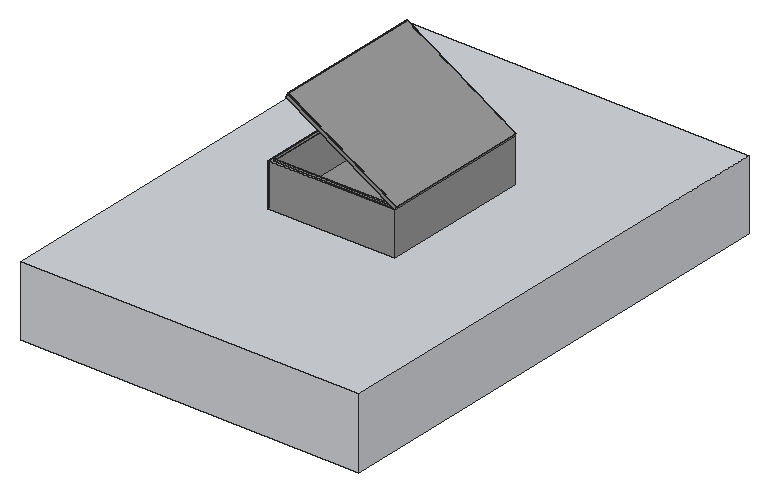
Revit family "Hager-Univers-IP54-D205-H650-Cl.I-Encl-AT-de", category Equipement électrique, Revit 2020
Family settings
  Hôte = Face
  Configuration du panneau = Deux colonnes, circuits au sein
  Cote de connecteur circulaire = Utiliser le diamètre
  Type d'élément = Tableau de raccordement
  Couper avec des vides une fois chargée = Non
  Partagée = Non
  Point de calcul de pièce = Non
Parameters (values of type "Aufputz IP54 B550 H650 T205  - FP42TW2")
  Width Control [instance] = if([EF000008 - Breite] > Min Width, [EF000008 - Breite], Min Width)  # 550 mm
  Commentaires du type = [HG000003 - Bereich]  # "Univers"
  Thickness Door [instance] = if([EF009171 - Materialstärke Tür/Deckel] > 3 mm, 3 mm, [EF009171 - Materialstärke Tür/Deckel])  # 1 mm
  Seal Frame Offset [instance] = 17 mm  # constant formula
  Plinth Visibility [instance] = [HG000027 - Sockelhöhe] > 0 mm  # no
  Model = ""
  Min Width [instance] = 100 mm  # constant formula
  Min Height [instance] = 100 mm  # constant formula
  Min Depth [instance] = (2 * [EF009170 - Materialstärke Gehäuse]) + 1 mm  # 3 mm
  Internal Frame Depth [instance] = (Door System Depth * 0.5)  # 9 mm
  Height Control [instance] = if([EF000040 - Höhe] > Min Height, [EF000040 - Höhe], Min Height)  # 650 mm
  HG000027 - Sockelhöhe = 0 mm
  HG000026 - Stehend auf dem Boden = no
  HG000024 - Höhe des unteren Teils = 800 mm
  HG000023 - Gehäuse mit doppeltem Querschnitt = no
  HG000016 - 3D-Türsichtbarkeit [instance] = yes
  HG000015 - Sichtbarkeit der Türöffnung [instance] = no
  HG000014 - Tür rechts [instance] = yes
  HG000013 - Tür links [instance] = not([HG000014 - Tür rechts])  # no
  HG000012 - Türschwenkwinkel [instance] = 30.00°
  HG000010 - Asymmetrische Türen = no
  HG000009 - Doppelflügeligen Tür = no
  HG000006 - Unterputz = no
  HG000004 - Herstellerreferenz = "FP42TW2"
  HG000003 - Bereich = "Univers"
  HG000002 - Mit tür = yes
  Frame Offset Bottom [instance] = 10 mm  # constant formula
  Frame Offset [instance] = 15 mm  # constant formula
  EF015940 - Deckel mit Überdruckentlastung = no
  EF011959 - Schutzart (NEMA) = ""
  EF009554 - Anzahl der Öffnungen für Flanschplatten = 4
  Fabricant = "Hager"  # constant formula
  EF009212 - Ausführung Deckel = "EV000116 - geschlossen"
  EF009171 - Materialstärke Tür/Deckel = 1 mm
  EF009170 - Materialstärke Gehäuse = 1 mm
  EF008873 - Nennstrom (In) = 250 A
  EF007800 - Geeignet für Blitzschutz = no
  EF006306 - Mit Schloss = no
  EF006244 - Transparenter Deckel/Tür = no
  EF005474 - Schutzart (IP) = "EV006419 - IP54"
  EF004464 - Art der Tür = "EV002646 - Einzel"
  EF004427 - Anzahl der Module = 96
  EF004293 - Schlagfestigkeit = "EV006815 - IK09"
  EF003532 - Geeignet für Außengebrauch = no
  EF002950 - Breite in Teilungseinheiten = 24
  EF001613 - Funktionserhalt = "EV000494 - ohne"
  EF001596 - Werkstoff des Gehäuses = "EV000179 - Stahl"
  EF001131 - Innentiefe = 205 mm
  EF001088 - Anbaumöglichkeit = yes
  EF000437 - Anzahl der Leitungseinführungen = 4
  EF000339 - Art der Abdeckung = "EV001012 - Deckel"
  EF000266 - Anzahl der Reihen = 4
  EF000218 - Einbautiefe = 205 mm
  EF000118 - Mit Montageplatte = no
  EF000116 - RAL-Nummer = "9010"
  EF000049 - Tiefe = 205 mm
  EF000040 - Höhe = 650 mm
  EF000008 - Breite = 550 mm
  EF000007 - Farbe = "EV000202 - weiß"
  EF000003 - Montageart = "EV000384 - Aufputz"
  Door System Leaf Tolerance [instance] = 1.5 mm  # constant formula
  Door System Depth [instance] = 18 mm  # constant formula
  Door Height [instance] = Height Control - [HG000027 - Sockelhöhe]  # 650 mm
  Depth Control [instance] = if([EF000049 - Tiefe] > Min Depth, [EF000049 - Tiefe], Min Depth)  # 205 mm
  Default Elevation = 0 mm
  Connector Offset [instance] = Height Control / 2  # 325 mm
  Bottom Top Plate Trim [instance] = 1.5 mm  # constant formula
  Plinth height Ctrl [instance] = if([HG000027 - Sockelhöhe] > 0 mm, [HG000027 - Sockelhöhe], 12 mm)  # 12 mm
Types (3, lengths in mm): name | Width Control | HG000004 - Herstellerreferenz | EF009554 - Anzahl der Öffnungen für Flanschplatten | EF004464 - Art der Tür | EF004427 - Anzahl der Module | EF002950 - Breite in Teilungseinheiten | EF000437 - Anzahl der Leitungseinführungen | EF000008 - Breite
  Aufputz IP54 B1050 H650 T205  - FP44TW2 | 1050 | "FP44TW2" | 8 | "EV003602 - Doppel" | 192 | 48 | 8 | 1050
  Aufputz IP54 B1300 H650 T205  - FP45TW2 | 1300 | "FP45TW2" | 10 | "EV003602 - Doppel" | 240 | 60 | 10 | 1300
  Aufputz IP54 B550 H650 T205  - FP42TW2 | 550 | "FP42TW2" | 4 | "EV002646 - Einzel" | 96 | 24 | 4 | 550
Reference planes
  plane 1 "Center (Front/Back)": y = 0
  plane 2: z = 0
  plane 3 "Center (Left/Right)": x = 0
  plane 4: z = 205
  plane 5: y = 1
  plane 6: y = 325
  plane 7: y = 0
  plane 8: y = 650
  plane 9: z = 0
  plane 10: x = -260
  plane 11: x = 260
  plane 12: x = 259
  plane 13: x = -259
  plane 14: y = 649
  plane 15: x = -258
  plane 16: x = -275
  plane 17: x = 258
  plane 18: x = 275
  plane 19: x = 274
  plane 20: x = -274
  plane 21: y = 11
  plane 22: y = 650
  plane 23: y = 634
  plane 24: z = 187
  plane 25: z = 1
  plane 26: z = 186
  plane 27: z = 204
Forms (mm)
  Extrusion 1, solid
    sketch origin (0, 0, 0) x (1, 0, 0) y (0, 1, 0)
      loop
        line (-702.964, 1305) -> (-702.964, -811.445) -> (766.763, -811.445) -> (766.763, 1305) -> (-702.964, 1305)
    from 0 to -304.8
  Extrusion 2, solid, material "Hager_Steel_RAL7035_Light_Grey", visible <- "Plinth Visibility", detail levels medium+fine
    sketch origin (0, 0, 0) x (1, 0, 0) y (0, 1, 0)
      loop
        line (-275, 0) -> (275, 0) -> (275, 12) -> (-275, 12) -> (-275, 0)
    from 0 to 187
  Extrusion 3, solid, material "Hager_Steel_RAL7035_Light_Grey", detail levels medium+fine
    sketch origin (0, 0, 0) x (1, 0, 0) y (0, 1, 0)
      loop
        line (-275, 0) -> (275, 0) -> (275, 650) -> (-275, 650) -> (-275, 0)
    from 0 to 187
  Extrusion 4, void
    sketch origin (0, 0, 0) x (1, 0, 0) y (0, 1, 0)
      loop
        line (-274, 1) -> (274, 1) -> (274, 649) -> (-274, 649) -> (-274, 1)
    from 1 to 186
  Extrusion 5, void
    sketch origin (-381.607, -4572, 187) x (0, -1, 0) y (-1, 0, 0)
      loop
        line (-4583, -122.607) -> (-5206, -122.607) -> (-5206, -640.607) -> (-4583, -640.607) -> (-4583, -122.607)
    from 0 to 1 <- "EF009170 - Materialstärke Gehäuse"
  Extrusion 6, solid, material "Hager_Steel_RAL7035_Light_Grey", detail levels fine
    sketch origin (0, 0, 187) x (1, 0, 0) y (0, 1, 0)
      loop
        line (-259, 634) -> (-259, 11) -> (259, 11) -> (259, 634) -> (-259, 634)
      loop
        line (-260, 10) -> (260, 10) -> (260, 635) -> (-260, 635) -> (-260, 10)
    from 0 to 9 <- "Internal Frame Depth"
  Extrusion 7, solid, material "Hager_Steel_RAL7035_Light_Grey", detail levels coarse
    sketch origin (0, 0, 0) x (1, 0, 0) y (0, 1, 0)
      loop
        line (-275, 0) -> (275, 0) -> (275, 650) -> (-275, 650) -> (-275, 0)
    from 0 to 205
  Sweep 8, void
    path in 3D
      loop
        line (-275, 12, 0) -> (275, 12, 0) -> (275, 12, 187) -> (-275, 12, 187) -> (-275, 12, 0)
    profile origin (-275, 12, 93.5) x (-1, 0, 0) y (0, -1, 0)
      loop
        line (0, 0) -> (0, 1.5) -> (-1.5, 1.5)
        arc (-1.5, 1.5) -> (-1.061, 0.439) -> (0, 0) r 1.5
Cuts and joins
  Extrusion 4, Extrusion 5 cuts Extrusion 3
  Sweep 8 cuts Extrusion 2
Lines and regions (mm)
  Masking region 1
    outline origin (0, 0, 0) x (1, 0, 0) y (0, 0, 1)
      loop
        line (-275, 205) -> (-275, 0) -> (275, 0) -> (275, 205) -> (-275, 205)
  Masking region 2, detail levels medium+fine
    outline origin (0, 140, 0) x (0, 1, 0) y (0, 0, 1)
      loop
        line (-140, 0) -> (510, 0) -> (510, 187) -> (-140, 187) -> (-140, 0)
  Masking region 3, not visible, detail levels medium+fine
    outline origin (0, 297.922, 0) x (0, 1, 0) y (0, 0, 1)
      loop
        line (38.578, 0) -> (78.578, 0) -> (78.578, 194)
        arc (78.578, 194) -> (75.649, 201.071) -> (68.578, 204) r 10
        line (68.578, 204) -> (38.578, 204) -> (38.578, 0)
  Masking region 4, detail levels coarse
    outline origin (0, 0, 180) x (0, 1, 0) y (0, 0, 1)
      loop
        line (0, -180) -> (650, -180) -> (650, 25) -> (0, 25) -> (0, -180)
  Masking region 5, visible <- "Plinth Visibility", detail levels medium+fine
    outline origin (0, 52.24, 12.345) x (0, 0, -1) y (0, 1, 0)
      loop
        line (10.845, -40.24) -> (-173.155, -40.24)
        arc (-173.155, -40.24) -> (-173.594, -41.301) -> (-174.655, -41.74) r 1.5
        line (-174.655, -41.74) -> (-174.655, -52.24) -> (12.345, -52.24) -> (12.345, -41.74)
        arc (12.345, -41.74) -> (11.285, -41.301) -> (10.845, -40.24) r 1.5
  Masking region 6, detail levels medium+fine
    outline origin (-381.607, -4572, 187) x (-1, 0, 0) y (0, -1, 0)
      loop
        line (-106.607, -5222) -> (-106.607, -4572) -> (-656.607, -4572) -> (-656.607, -5222) -> (-106.607, -5222)
  Masking region 7, visible <- "Plinth Visibility", detail levels medium+fine
    outline origin (-381.607, -4727, 187) x (-1, 0, 0) y (0, -1, 0)
      loop
        arc (-108.107, -4739) -> (-107.668, -4737.939) -> (-106.607, -4737.5) r 1.5
        line (-106.607, -4737.5) -> (-106.607, -4727) -> (-656.607, -4727) -> (-656.607, -4737.5)
        arc (-656.607, -4737.5) -> (-655.546, -4737.939) -> (-655.107, -4739) r 1.5
        line (-655.107, -4739) -> (-108.107, -4739)
  Masking region 8, detail levels coarse
    outline origin (-442.548, -4669.526, 187) x (-1, 0, 0) y (0, -1, 0)
      loop
        line (-167.548, -5319.526) -> (-167.548, -4669.526) -> (-717.548, -4669.526) -> (-717.548, -5319.526) -> (-167.548, -5319.526)
  sketch lines
    curve 1: line (-275, 12, 187) -> (-275, 12, 0)
    curve 2: line (275, 12, 187) -> (-275, 12, 187)
    curve 3: line (275, 12, 187) -> (275, 12, 0)
    curve 4: line (-275, 12, 0) -> (275, 12, 0)
Dimensions and locks
  "Depth Control": plane 4 to Extrusion 1
  "HG000027 - Sockelhöhe": plane 1 "Center (Front/Back)" to plane 7
  "EF009170 - Materialstärke Gehäuse": plane 5 to plane 7
  locked: connector elem to plane 3 "Center (Left/Right)"
  equal spacing: plane 8, plane 6, plane 7
  locked: connector elem to plane 6
  "EF009170 - Materialstärke Gehäuse": plane 8 to plane 14
  "EF009170 - Materialstärke Gehäuse": plane 10 to plane 13
  "EF009170 - Materialstärke Gehäuse": plane 12 to plane 11
  "Frame Offset": plane 20 to plane 13
  "Frame Offset": plane 12 to plane 19
  "EF009170 - Materialstärke Gehäuse": plane 16 to plane 20
  "EF009170 - Materialstärke Gehäuse": plane 19 to plane 18
  "Seal Frame Offset": plane 16 to plane 15
  "Seal Frame Offset": plane 17 to plane 18
  "Frame Offset Bottom": plane 21 to plane 5
  "Frame Offset": plane 14 to plane 23
  equal spacing: plane 16, plane 3 "Center (Left/Right)", plane 18
  "Width Control": plane 16 to plane 18
  "EF009170 - Materialstärke Gehäuse": plane 4 to plane 27
  "EF009170 - Materialstärke Gehäuse": plane 24 to plane 26
  "EF009170 - Materialstärke Gehäuse": plane 25 to level
  "Door System Depth": plane 4 to plane 24
  "Height Control": plane 1 "Center (Front/Back)" to Extrusion 7 sketch curve
  "Height Control": Masking region 4 sketch curve to plane 1 "Center (Front/Back)"
  "Height Control": plane 1 "Center (Front/Back)" to plane 22
  "Bottom Top Plate Trim": profile plane to Sweep 8 sketch curve
  "Bottom Top Plate Trim": Sweep 8 sketch curve to profile plane
  "Plinth height Ctrl": plane 1 "Center (Front/Back)" to Extrusion 2 sketch curve
  "Plinth height Ctrl": Masking region 5 sketch curve to plane 1 "Center (Front/Back)"
  "Plinth height Ctrl": plane 1 "Center (Front/Back)" to Masking region 7 sketch curve
  "Thickness Door": Extrusion 6 sketch curve to Extrusion 6 sketch curve  (x3)
  "Thickness Door": cut or joined group of Extrusion 3, Extrusion 4, Extrusion 5 to Extrusion 6 sketch curve
  radius of Masking region 3 sketch curve = 10 mm
  "Bottom Top Plate Trim": radius of Masking region 5 sketch curve  (x2)
  "Bottom Top Plate Trim": radius of Sweep 8 sketch curve
  "Bottom Top Plate Trim": radius of Masking region 7 sketch curve  (x2)
  aligned and locked: plane 2 to Extrusion 1
  aligned and locked: level to Extrusion 1
  aligned and locked: level to Masking region 1 sketch curve
  aligned and locked: Masking region 1 sketch curve to plane 18
  aligned and locked: Masking region 1 sketch curve to plane 16
  aligned and locked: plane 7 to Masking region 2 sketch curve
  aligned and locked: level to Masking region 3 sketch curve
  aligned and locked: Masking region 3 sketch curve to plane 27
  aligned and locked: level to Masking region 2 sketch curve
  aligned and locked: plane 1 "Center (Front/Back)" to Extrusion 2 sketch curve
  aligned and locked: Extrusion 3 sketch curve to plane 7
  aligned and locked: plane 16 to Extrusion 3 sketch curve
  aligned and locked: plane 18 to Extrusion 3 sketch curve
  aligned and locked: plane 20 to Extrusion 4 sketch curve
  aligned and locked: plane 19 to Extrusion 4 sketch curve
  aligned and locked: Extrusion 4 sketch curve to plane 5
  aligned and locked: Extrusion 4 to plane 25
  aligned and locked: plane 26 to Extrusion 4
  aligned and locked: plane 24 to Extrusion 3
  aligned and locked: Extrusion 5 sketch curve to plane 21
  aligned and locked: Extrusion 5 sketch curve to plane 13
  aligned and locked: Extrusion 5 sketch curve to plane 12
  aligned and locked: plane 18 to Extrusion 7 sketch curve
  aligned and locked: plane 1 "Center (Front/Back)" to Extrusion 7 sketch curve
  aligned and locked: plane 16 to Extrusion 7 sketch curve
  aligned and locked: plane 4 to Extrusion 7
  aligned and locked: Extrusion 7 to level
  aligned and locked: level to Masking region 4 sketch curve
  aligned and locked: Masking region 4 sketch curve to plane 1 "Center (Front/Back)"
  aligned and locked: Masking region 4 sketch curve to plane 4
  aligned and locked: nested 1 to level
  aligned and locked: nested 1 to plane 16
  aligned and locked: plane 8 to Extrusion 3 sketch curve
  aligned and locked: plane 23 to Extrusion 5 sketch curve
  aligned and locked: plane 14 to Extrusion 4 sketch curve
  aligned and locked: Masking region 2 sketch curve to plane 8
  aligned and locked: level to Masking region 5 sketch curve
  aligned and locked: plane 16 to Extrusion 2 sketch curve
  aligned and locked: plane 18 to Extrusion 2 sketch curve
  aligned and locked: Masking region 5 sketch curve to plane 24
  aligned and locked: Masking region 2 sketch curve to plane 24
  aligned and locked: plane 24 to Extrusion 2
  aligned and locked: profile plane to Sweep 8 sketch curve  (x2)
  aligned and locked: Masking region 6 sketch curve to plane 18
  aligned and locked: Masking region 6 sketch curve to plane 22
  aligned and locked: Masking region 6 sketch curve to plane 16
  aligned and locked: plane 8 to plane 22
  aligned and locked: plane 7 to Masking region 6 sketch curve
  aligned and locked: Masking region 7 sketch curve to plane 16
  aligned and locked: Masking region 7 sketch curve to plane 1 "Center (Front/Back)"
  aligned and locked: Masking region 7 sketch curve to plane 18
  aligned and locked: Masking region 8 sketch curve to plane 1 "Center (Front/Back)"
  aligned and locked: Masking region 8 sketch curve to plane 18
  aligned and locked: Masking region 8 sketch curve to plane 22
  aligned and locked: Masking region 8 sketch curve to plane 16
  aligned and locked: nested 2 to plane 7
  aligned and locked: plane 3 "Center (Left/Right)" to nested 2
  aligned and locked: nested 2 to plane 24
  aligned and locked: Extrusion 6 sketch curve to cut or joined group of Extrusion 3, Extrusion 4, Extrusion 5  (x4)
Automatic sketch dimensions
  Extrusion 1 sketch curve to Extrusion 1 sketch curve = 1469.727 mm
  Extrusion 1 sketch curve to Extrusion 1 sketch curve = 2116.445 mm
  Masking region 1 sketch curve to plane 4 = 0 mm
  plane 6 to Masking region 3 sketch curve = 11.5 mm
  Masking region 3 sketch curve to Masking region 3 sketch curve = 30 mm
  Masking region 5 sketch curve to plane 1 "Center (Front/Back)" = 0 mm
Nested families
  nested 1: "Hager_Enclosure_Symbol" at (-275, 0, 0) x (1, 0, 0) z (0, -1, 0), Height <- "Depth Control", Width <- "Width Control", type "Hager_Enclosure_Symbol"
    with Width_Ctrl 550 mm, Width 550 mm, Height_Ctrl 205 mm, Height 205 mm, A_Width_Int 13.453 mm, A_Width 161.438 mm, A_Height_Ctrl 179.375 mm, A_Height 179.375 mm
  nested 2: "EC000058_Univers_Door" at (0, 0, 187) x (1, 0, 0) z (0, 1, 0), Leaf_Tolerance <- "Door System Leaf Tolerance", Angle <- "HG000012 - Türschwenkwinkel", Door_Depth <- "Door System Depth", Door_Left <- "HG000013 - Tür links", Transparent <- "EF006244 - Transparenter Deckel/Tür", Assymetrical <- "HG000010 - Asymmetrische Türen", Width <- "Width Control", Clearance <- "HG000015 - Sichtbarkeit der Türöffnung", Double <- "HG000009 - Doppelflügeligen Tür", 3d_Door <- "HG000016 - 3D-Türsichtbarkeit", Lock_Visibility <- "EF006306 - Mit Schloss", Width_Ctrl <- "Width Control", Door_Right <- "HG000014 - Tür rechts", Door <- "HG000002 - Mit tür", Height <- "Door Height", Thickness <- "Thickness Door", type "EC000058_Univers_Door", detail levels medium+fine
    with min_wh 3 mm, Width_Ctrl 550 mm, Width 550 mm, Transparent no, Thickness 1 mm, Seal_Material Hager_Rubber, Lock_Visibility no, Lock_Material Hager_Plastic_RAL9005_Jet_Black, Leaf_Width 550 mm, Leaf_Tolerance_External_Sides 0 mm, Leaf_Tolerance 1.5 mm, Leaf_Offset 0 mm, Leaf_Height 647 mm, Leaf_2_Width 550 mm, Leaf_2_Offset 275 mm, Leaf_1_Width 550 mm, Leaf_1_Offset 275 mm, Height_Ctrl 650 mm, Height 650 mm, Glass_Material Hager_Glass, Double_Clearance_Ctrl no, Double no, Door_Right_Ctrl yes, Door_Right yes, Door_Material Hager_Steel_RAL7035_Light_Grey, Door_Left_Ctrl no, Door_Left no, Door_Depth 18 mm, Door yes, Clearance_Material Hager_Clearance, Clearance_Depth 550 mm, Clearance_Ctrl no, Clearance no, Assymetrical no, Angle 30.00°, 3d_Door yes
Connectors
  electrical at (0, 325, 0)
    settings: on plane 9, index 1, voltage 0 V, apparent load 0 VA, apparent load phase1 0 VA, apparent load phase2 0 VA, apparent load phase3 0 VA, power factor 1, load classification "Other", number of poles 1, system type 30, power factor state 1, is connector primary yes, connector utility no, sub classification motor no, connector description ""
Definition of nested family "EC000058_Univers_Door"
  Parameters (values of type "EC000058_Univers_Door")
    min_wh [instance] = (2 * Thickness) + 1 mm  # 11 mm
    Width_Ctrl [instance] = 400 mm
    Width [instance] = 500 mm
    Transparent [instance] = yes
    Thickness [instance] = 5 mm
    Seal_Material [instance] = none
    Lock_Visibility [instance] = yes
    Lock_Material [instance] = none
    Leaf_Width [instance] = if((Width_Ctrl - 2 * Leaf_Tolerance_External_Sides) > 0 mm, (Width_Ctrl - 2 * Leaf_Tolerance_External_Sides), min_wh)  # 400 mm
    Leaf_Tolerance_External_Sides [instance] = 0 mm  # constant formula
    Leaf_Tolerance [instance] = 1.5 mm
    Leaf_Offset [instance] = 0 mm  # constant formula
    Leaf_Height [instance] = if((Height_Ctrl - 2 * Leaf_Tolerance) > 0 mm, (Height_Ctrl - 2 * Leaf_Tolerance), min_wh)  # 497 mm
    Leaf_2_Width [instance] = if(and(and(Double, Assymetrical), Door_Left), (Leaf_Width / 3) - (Leaf_Tolerance / 2), if(and(and(Double, Assymetrical), Door_Right), (Leaf_Width / 3) * 2 - (Leaf_Tolerance / 2), if(and(Double, not(Assymetrical)), (Leaf_Width / 2) - Leaf_Tolerance, Leaf_Width)))  # 400 mm
    Leaf_2_Offset [instance] = if(and(Double, Assymetrical), Leaf_2_Width / 2, if(and(Double, not(Assymetrical)), Leaf_Width / 4, Leaf_Width / 2))  # 200 mm
    Leaf_1_Width [instance] = if(and(and(Double, Assymetrical), Door_Right), (Leaf_Width / 3) - (Leaf_Tolerance / 2), if(and(and(Double, Assymetrical), Door_Left), (Width / 3) * 2 - (Leaf_Tolerance / 2), if(and(Double, not(Assymetrical)), (Leaf_Width / 2) - Leaf_Tolerance, Leaf_Width)))  # 400 mm
    Leaf_1_Offset [instance] = if(and(Double, Assymetrical), Leaf_1_Width / 2, if(and(Double, not(Assymetrical)), Leaf_Width / 4, Leaf_Width / 2))  # 200 mm
    Height_Ctrl [instance] = if(Height > min_wh, Height, min_wh)  # 500 mm
    Height [instance] = 500 mm
    Glass_Material [instance] = none
    Double_Clearance_Ctrl [instance] = and(Double, Clearance)  # no
    Double [instance] = no
    Door_Right_Ctrl [instance] = and(or(Door_Right, Double), Door)  # yes
    Door_Right [instance] = yes
    Door_Material [instance] = none
    Door_Left_Ctrl [instance] = and(or(Door_Left, Double), Door)  # no
    Door_Left [instance] = no
    Door_Depth [instance] = 30 mm
    Door [instance] = yes
    Default Elevation = 1219.2 mm
    Clearance_Material [instance] = none
    Clearance_Depth [instance] = if(Leaf_1_Width > Leaf_2_Width, Leaf_1_Width, Leaf_2_Width)  # 400 mm
    Clearance_Ctrl [instance] = and(not(Double), Clearance)  # yes
    Clearance [instance] = yes
    Assymetrical [instance] = yes
    Angle [instance] = 30.00°
    3d_Door [instance] = yes
  Reference planes
    plane 1 "Center (Front/Back)": y = 0
    plane 2 "Bottom": z = 0
    plane 3 "Center (Left/Right)": x = 0
    plane 4: z = 500
    plane 5: x = -200
    plane 6: x = 200
    plane 7: z = 500
    plane 8: x = -200
    plane 9: z = 0
    plane 10: x = 200
    plane 11: y = 0
    plane 12: z = 1.5
    plane 13: x = -600
    plane 14: y = -400
    plane 15: x = 600
    plane 16: x = 0
    plane 17: x = 0
    plane 18: x = -200
    plane 19: x = 200
    plane 20: z = 498.5
  Forms (mm)
    Extrusion 1, solid, material <- "Clearance_Material", visible <- "Double_Clearance_Ctrl"
      sketch origin (1200, 0, 0) x (1, 0, 0) y (0, 0, -1)
        loop
          line (-1800, -498.5) -> (-600, -498.5) -> (-600, 0) -> (-1800, 0) -> (-1800, -498.5)
      from 0 to -400
  Dimensions and locks
    equal spacing: plane 5, plane 3 "Center (Left/Right)", plane 6
    "Width_Ctrl": plane 5 to plane 6
    "Leaf_Offset": plane 5 to plane 8
    "Leaf_Offset": plane 6 to plane 10
    "Leaf_Offset": plane 9 to level
    "Leaf_Offset": plane 4 to plane 7
    "Height_Ctrl": plane 4 to level
    "Leaf_Tolerance": plane 12 to plane 9
    locked: plane 11 to plane 1 "Center (Front/Back)"
    "Leaf_1_Offset": plane 18 to plane 16
    "Leaf_2_Offset": plane 17 to plane 19
    "Leaf_1_Width": plane 13 to plane 8
    "Leaf_2_Width": plane 10 to plane 15
    "Clearance_Depth": plane 14 to plane 1 "Center (Front/Back)"
    "Leaf_Tolerance_External_Sides": plane 8 to plane 18
    "Leaf_Tolerance_External_Sides": plane 19 to plane 10
    "Leaf_Tolerance": plane 7 to plane 20
    aligned and locked: level to plane 2 "Bottom"
    aligned and locked: nested 1 to plane 16
    aligned and locked: nested 2 to plane 17
    aligned and locked: Extrusion 1 to plane 13
    aligned and locked: plane 15 to Extrusion 1
    aligned and locked: Extrusion 1 to plane 14
    aligned and locked: plane 12 to nested 1
    aligned and locked: nested 2 to plane 12
    aligned and locked: Extrusion 1 to plane 11
    aligned and locked: plane 20 to Extrusion 1
    aligned and locked: nested 2 to plane 11
    aligned and locked: nested 1 to plane 11
  Automatic sketch dimensions
    Extrusion 1 sketch curve to level = 0 mm
    plane 5 to Extrusion 1 sketch curve = 400 mm
    plane 6 to Extrusion 1 sketch curve = 400 mm
    Extrusion 1 sketch curve to plane 4 = 1.5 mm
  Nested families
    nested 1: "EC000058_Univers_Door_Leaf" at (0, 0, 1.5), Width <- "Leaf_1_Width", visible <- "Door_Left_Ctrl", Leaf_Height <- "Leaf_Height", Angle <- "Angle", 3d_Door <- "3d_Door", Transparent <- "Transparent", Clearance Material <- "Clearance_Material", Clearance <- "Clearance_Ctrl", Door_Material <- "Door_Material", Glass_Material <- "Glass_Material", Door_Depth <- "Door_Depth", Lock_Material <- "Lock_Material", Seal_Material <- "Seal_Material", Lock_Visibility <- "Lock_Visibility", Thickness <- "Thickness", type "EC000058_Univers_Door_Leaf"
      with Width 400 mm, Transparent_Glass_Offset 30 mm, Transparent_Ctrl yes, Transparent yes, Thickness 5 mm, Standard no, Seal_Material none, Seal_D2 8 mm, Seal_D1 1 mm, Offset_Internal_Frame 10 mm, Lock_Width 20 mm, Lock_Visibility_3d yes, Lock_Visibility yes, Lock_Thickness_3 3 mm, Lock_Thickness_2 1 mm, Lock_Thickness_1 3 mm, Lock_Radius_Offset_2 16 mm, Lock_Radius_Offset_1 15 mm, Lock_Radius_2 5 mm, Lock_Radius 6 mm, Lock_Offset 5 mm, Lock_Material none, Lock_Height 80 mm, Lock_Cover_Top_Offset_2d 17 mm, Lock_Cover_Height -65 mm, Leaf_Height 497 mm, Internal_Seal_Thickness 8 mm, Internal_Seal_Depth_2 4.5 mm, Internal_Frame_Depth 25 mm, Glass_Thickness -1 mm, Glass_Offset -2 mm, Glass_Material none, Door_Material none, Door_Depth 30 mm, Clearance Material none, Clearance yes, Angle_Ctrl 30.00°, Angle 30.00°, 3d_Door yes
    nested 2: "EC000058_Univers_Door_Leaf" at (0, 0, 1.5) x (-1, 0, 0) z (0, 0, 1), Width <- "Leaf_2_Width", visible <- "Door_Right_Ctrl", Leaf_Height <- "Leaf_Height", Angle <- "Angle", 3d_Door <- "3d_Door", Transparent <- "Transparent", Clearance Material <- "Clearance_Material", Clearance <- "Clearance_Ctrl", Door_Material <- "Door_Material", Glass_Material <- "Glass_Material", Door_Depth <- "Door_Depth", Lock_Material <- "Lock_Material", Seal_Material <- "Seal_Material", Lock_Visibility <- "Lock_Visibility", Thickness <- "Thickness", type "EC000058_Univers_Door_Leaf"
      with Width 400 mm, Transparent_Glass_Offset 30 mm, Transparent_Ctrl yes, Transparent yes, Thickness 5 mm, Standard no, Seal_Material none, Seal_D2 8 mm, Seal_D1 1 mm, Offset_Internal_Frame 10 mm, Lock_Width 20 mm, Lock_Visibility_3d yes, Lock_Visibility yes, Lock_Thickness_3 3 mm, Lock_Thickness_2 1 mm, Lock_Thickness_1 3 mm, Lock_Radius_Offset_2 16 mm, Lock_Radius_Offset_1 15 mm, Lock_Radius_2 5 mm, Lock_Radius 6 mm, Lock_Offset 5 mm, Lock_Material none, Lock_Height 80 mm, Lock_Cover_Top_Offset_2d 17 mm, Lock_Cover_Height -65 mm, Leaf_Height 497 mm, Internal_Seal_Thickness 8 mm, Internal_Seal_Depth_2 4.5 mm, Internal_Frame_Depth 25 mm, Glass_Thickness -1 mm, Glass_Offset -2 mm, Glass_Material none, Door_Material none, Door_Depth 30 mm, Clearance Material none, Clearance yes, Angle_Ctrl 30.00°, Angle 30.00°, 3d_Door yes
  Definition of nested family "EC000058_Univers_Door_Leaf"
    Parameters (values of type "EC000058_Univers_Door_Leaf")
      Width [instance] = 2000 mm
      Transparent_Glass_Offset [instance] = 30 mm
      Transparent_Ctrl [instance] = and(Transparent, [3d_Door])  # yes
      Transparent [instance] = yes
      Thickness [instance] = 5 mm
      Standard [instance] = and(not(Transparent), [3d_Door])  # no
      Seal_Material [instance] = none
      Seal_D2 [instance] = 8 mm  # constant formula
      Seal_D1 [instance] = 1 mm  # constant formula
      Offset_Internal_Frame [instance] = 10 mm  # constant formula
      Lock_Width [instance] = 20 mm  # constant formula
      Lock_Visibility_3d [instance] = and(Lock_Visibility, [3d_Door])  # yes
      Lock_Visibility [instance] = yes
      Lock_Thickness_3 [instance] = 3 mm  # constant formula
      Lock_Thickness_2 [instance] = 1 mm  # constant formula
      Lock_Thickness_1 [instance] = 3 mm  # constant formula
      Lock_Radius_Offset_2 [instance] = Lock_Radius_Offset_1 + 1 mm  # 16 mm
      Lock_Radius_Offset_1 [instance] = 15 mm  # constant formula
      Lock_Radius_2 [instance] = Lock_Radius - 1 mm  # 5 mm
      Lock_Radius [instance] = 6 mm  # constant formula
      Lock_Offset [instance] = 5 mm  # constant formula
      Lock_Material [instance] = none
      Lock_Height [instance] = 80 mm  # constant formula
      Lock_Cover_Top_Offset_2d [instance] = Lock_Radius_Offset_2 + 1 mm  # 17 mm
      Lock_Cover_Height [instance] = -(Lock_Height - Lock_Radius_Offset_1)  # -65 mm
      Leaf_Height [instance] = 2720.336 mm
      Internal_Seal_Thickness [instance] = 8 mm  # constant formula
      Internal_Seal_Depth_2 [instance] = 4.5 mm  # constant formula
      Internal_Frame_Depth [instance] = if(Door_Depth - Thickness > 5 mm, Door_Depth - Thickness, 5 mm)  # 25 mm
      Glass_Thickness [instance] = if(Thickness > 15 mm, Glass_Offset + 10 mm, -1 mm)  # -1 mm
      Glass_Offset [instance] = if(Thickness > 15 mm, -(Thickness + 10 mm) / 2, -2 mm)  # -2 mm
      Glass_Material [instance] = none
      Door_Material [instance] = none
      Door_Depth [instance] = 30 mm
      Default Elevation = 0 mm
      Clearance Material [instance] = none
      Clearance [instance] = yes
      Angle_Ctrl [instance] = if(Angle > 180.00°, 180.00°, Angle)  # 90.00°
      Angle [instance] = 90.00°
      3d_Door [instance] = yes
    Reference planes
      plane 1 "Center (Front/Back)": y = 0
      plane 2: z = 0
      plane 3 "Center (Left/Right)": x = 0
      plane 4: y = 2000
      plane 5: x = -1000
      plane 6: x = 1000
      plane 7: x = -3000
      plane 8: z = 2720.336
      plane 9: z = 30
      plane 10: z = 2690.336
      plane 11: x = 970
      plane 12: x = -970
      plane 13: y = -3
      plane 14: z = 107.833
      plane 15: y = -5
      plane 16: y = -223.314
      plane 17: x = -1000
      plane 18: z = 1360.168
      plane 19: y = 30
    Forms (mm)
      Extrusion 1, solid, material <- "Clearance Material", visible <- "Clearance"
        sketch origin (0, 0, 0) x (1, 0, 0) y (0, 0, 1)
          loop
            line (-3000, 2720.336) -> (-3000, 0) -> (1000, 0) -> (1000, 2720.336) -> (-3000, 2720.336)
        from 0 to -2000
      Extrusion 2, solid, material <- "Door_Material", visible <- "Standard", detail levels medium+fine
        sketch origin (-1000, 0, 0) x (0, 1, 0) y (-1, 0, 0)
          loop
            line (0, 30) -> (0, 25) -> (2000, 25) -> (2000, 30) -> (0, 30)
        from 0 to 2720.336 <- "Leaf_Height"
      Extrusion 3, solid, material <- "Door_Material", visible <- "Transparent_Ctrl", detail levels medium+fine
        sketch origin (-1000, 0, 0) x (0, 1, 0) y (-1, 0, 0)
          loop
            line (0, 25) -> (2000, 25) -> (2000, 30) -> (0, 30) -> (0, 25)
        from 0 to 2720.336 <- "Leaf_Height"
      Extrusion 4, void
        sketch origin (-1025, 2000, 0) x (0, 1, 0) y (0, 0, -1)
          loop
            line (-30, -2690.336) -> (-30, -30) -> (-1970, -30) -> (-1970, -2690.336) -> (-30, -2690.336)
        from 0 to 5 <- "Thickness"
      Sweep 5, solid, material <- "Seal_Material", visible <- "Transparent_Ctrl", detail levels fine
        path in 3D
          loop
            line (-1025, 30, 30) -> (-1025, 30, 2690.336) -> (-1025, 1970, 2690.336) -> (-1025, 1970, 30) -> (-1025, 30, 30)
        profile origin (-1025, 1000, 30) x (1, 0, 0) y (0, 0, 1)
          loop
            line (0, 0) -> (0, -8) -> (1, -8) -> (1, 0) -> (0, 0)
      Extrusion 6, solid, material <- "Glass_Material", visible <- "Transparent_Ctrl", detail levels medium+fine
        sketch origin (-1030, 0, 0) x (0, 1, 0) y (0, 0, -1)
          loop
            line (1970, -2690.336) -> (1970, -30) -> (30, -30) -> (30, -2690.336) -> (1970, -2690.336)
        from -2 <- "Glass_Offset" to -1 <- "Glass_Thickness"
      Extrusion 7, solid, material <- "Door_Material", visible <- "3d_Door", detail levels medium+fine
        sketch origin (-1025, 2000, 0) x (0, -1, 0) y (0, 0, -1)
          loop
            line (0, -2720.336) -> (2000, -2720.336) -> (2000, 0) -> (0, 0) -> (0, -2720.336)
          loop
            line (1995, -5) -> (5, -5) -> (5, -2715.336) -> (1995, -2715.336) -> (1995, -5)
        from 0 to 25 <- "Internal_Frame_Depth"
      Sweep 8, solid, material <- "Seal_Material", visible <- "Transparent_Ctrl", detail levels fine
        path in 3D
          loop
            line (-1025, 0, 0) -> (-1025, 2000, 0) -> (-1025, 2000, 2720.336) -> (-1025, 0, 2720.336) -> (-1025, 0, 0)
        profile origin (-1025, 0, 1360.168) x (1, 0, 0) y (0, 1, 0)
          loop
            line (0, 10) -> (2.975, 10)
            arc (2.975, 10) -> (4.053, 10.447) -> (4.5, 11.525) r 1.525
            line (4.5, 11.525) -> (4.5, 16.527)
            arc (4.5, 16.527) -> (4.069, 17.569) -> (3.027, 18) r 1.473
            line (3.027, 18) -> (0, 18) -> (0, 10)
      Extrusion 9, solid, material <- "Lock_Material", visible <- "Lock_Visibility_3d", detail levels fine
        sketch origin (-1030, 0, 0) x (0, 1, 0) y (0, 0, -1)
          loop
            arc (1993.5, -1400.168) -> (1994.561, -1399.729) -> (1995, -1398.668) r 1.5
            line (1995, -1398.668) -> (1995, -1320.168) -> (1975, -1320.168) -> (1975, -1398.668)
            arc (1975, -1398.668) -> (1975.439, -1399.729) -> (1976.5, -1400.168) r 1.5
            line (1976.5, -1400.168) -> (1993.5, -1400.168)
        from 3 <- "Lock_Thickness_1" to 0
      Blend 10, solid, material <- "Lock_Material", visible <- "Lock_Visibility_3d", detail levels fine
        base sketch origin (-1033, 0, 0) x (0, 1, 0) y (0, 0, -1)
          loop
            line (1975, -1320.168) -> (1975, -1398.668)
            arc (1975, -1398.668) -> (1975.439, -1399.729) -> (1976.5, -1400.168) r 1.5
            line (1976.5, -1400.168) -> (1993.5, -1400.168)
            arc (1993.5, -1400.168) -> (1994.561, -1399.729) -> (1995, -1398.668) r 1.5
            line (1995, -1398.668) -> (1995, -1320.168) -> (1975, -1320.168)
        top sketch origin (-1033, 0, 0) x (0, 1, 0) y (0, 0, -1)
          loop
            line (1976, -1320.168) -> (1976, -1398.668)
            arc (1976, -1398.668) -> (1976.146, -1399.022) -> (1976.5, -1399.168) r 0.5
            line (1976.5, -1399.168) -> (1993.5, -1399.168)
            arc (1993.5, -1399.168) -> (1993.854, -1399.022) -> (1994, -1398.668) r 0.5
            line (1994, -1398.668) -> (1994, -1320.168) -> (1976, -1320.168)
        from 0 to 1 <- "Lock_Thickness_2"
      Blend 11, solid, material <- "Lock_Material", visible <- "Lock_Visibility_3d", detail levels fine
        base sketch origin (-1034, 0, 0) x (0, 1, 0) y (0, 0, -1)
          loop
            line (1978, -1320.168) -> (1978, -1384.168)
            arc (1978, -1384.168) -> (1985, -1391.168) -> (1992, -1384.168) r 7
            line (1992, -1384.168) -> (1992, -1320.168) -> (1978, -1320.168)
        top sketch origin (-1034, 0, 0) x (0, 1, 0) y (0, 0, -1)
          loop
            line (1991, -1320.168) -> (1979, -1320.168) -> (1979, -1383.168)
            arc (1979, -1383.168) -> (1985, -1389.168) -> (1991, -1383.168) r 6
            line (1991, -1383.168) -> (1991, -1320.168)
        from 0 to 3 <- "Lock_Thickness_3"
      Extrusion 12, solid, material <- "Lock_Material", visible <- "Lock_Visibility_3d", detail levels fine
        sketch origin (-1030, 1975, 1320.168) x (1, 0, 0) y (0, -1, 0)
          loop
            line (-7, -19) -> (-7, -1) -> (0, -1) -> (0, 0) -> (-8, 0) -> (-8, -20) -> (0, -20) -> (0, -19) -> (-7, -19)
        from 0 to -65 <- "Lock_Cover_Height"
      Extrusion 13, void
        sketch origin (-1038, 1995, 1320.168) x (-1, 0, 0) y (0, 0, -1)
          loop
            line (-5, -65) -> (0, -65) -> (-5, -60) -> (-5, -65)
        from 0 to 20 <- "Lock_Width"
      Extrusion 14, void
        sketch origin (-1038, 1975, 1320.168) x (0, -1, 0) y (0, 0, -1)
          loop
            circle (-10, -15.995) r 6
          loop
            circle (-10, -15.995) r 5
        from 0 to 2
      Extrusion 15, solid, material <- "Lock_Material", visible <- "Lock_Visibility_3d", detail levels medium
        sketch origin (-1030, 0, 0) x (0, 1, 0) y (0, 0, -1)
          loop
            arc (1993.5, -1400.168) -> (1994.561, -1399.729) -> (1995, -1398.668) r 1.5
            line (1995, -1398.668) -> (1995, -1320.168) -> (1975, -1320.168) -> (1975, -1398.668)
            arc (1975, -1398.668) -> (1975.439, -1399.729) -> (1976.5, -1400.168) r 1.5
            line (1976.5, -1400.168) -> (1993.5, -1400.168)
        from 8 to 0
    Cuts and joins
      Extrusion 4 cuts Extrusion 3
      Extrusion 13, Extrusion 14 cuts Extrusion 9
      Extrusion 14 cuts Blend 11
      Extrusion 13, Extrusion 14 cuts Extrusion 12
      joined: Extrusion 9, Blend 10, Blend 11, Extrusion 12
      Extrusion 14 cuts Extrusion 15
    Lines and regions (mm)
      Masking region 1, visible <- "Lock_Visibility", detail levels fine
        outline origin (0, 0, 0) x (0, 1, 0) y (0, 0, 1)
          loop
            line (30, 1320.168) -> (33, 1320.168) -> (33, 1400.168) -> (30, 1400.168) -> (30, 1320.168)
      Masking region 2, visible <- "Lock_Visibility", detail levels fine
        outline origin (0, 3.143, 0) x (0, 1, 0) y (0, 0, 1)
          loop
            line (29.857, 1354.168) -> (30.857, 1354.168) -> (30.857, 1366.168) -> (29.857, 1366.168) -> (29.857, 1354.168)
      Masking region 3, detail levels medium+fine
        outline origin (0, 0, 0) x (0, 1, 0) y (0, 0, 1)
          loop
            line (0, 0) -> (30, 0) -> (30, 2720.336) -> (0, 2720.336) -> (0, 0)
      Masking region 4, detail levels medium+fine
        outline origin (0, 0, 0) x (1, 0, 0) y (0, 0, 1)
          loop
            line (-1000, 2720.336) -> (-1000, 0) -> (1000, 0) -> (1000, 2720.336) -> (-1000, 2720.336)
      Masking region 5, visible <- "Lock_Visibility", detail levels fine
        outline origin (-47.116, 0, 0) x (1, 0, 0) y (0, 0, 1)
          loop
            arc (1024.616, 1399.168) -> (1023.556, 1398.729) -> (1023.116, 1397.668) r 1.5
            line (1023.116, 1397.668) -> (1023.116, 1320.168) -> (1041.116, 1320.168) -> (1041.116, 1397.668)
            arc (1041.116, 1397.668) -> (1040.677, 1398.729) -> (1039.616, 1399.168) r 1.5
            line (1039.616, 1399.168) -> (1024.616, 1399.168)
      Masking region 6, visible <- "Lock_Visibility", detail levels medium+fine
        outline origin (-25, 0, 0) x (1, 0, 0) y (0, 0, 1)
          loop
            arc (1001.5, 1400.168) -> (1000.439, 1399.729) -> (1000, 1398.668) r 1.5
            line (1000, 1398.668) -> (1000, 1320.168) -> (1020, 1320.168) -> (1020, 1398.668)
            arc (1020, 1398.668) -> (1019.561, 1399.729) -> (1018.5, 1400.168) r 1.5
            line (1018.5, 1400.168) -> (1001.5, 1400.168)
      Masking region 7, visible <- "Lock_Visibility", detail levels fine
        outline origin (-73.735, 0, 0) x (1, 0, 0) y (0, 0, 1)
          loop
            line (1051.735, 1382.168) -> (1065.735, 1382.168) -> (1065.735, 1384.168)
            arc (1065.735, 1384.168) -> (1058.735, 1391.168) -> (1051.735, 1384.168) r 7
            line (1051.735, 1384.168) -> (1051.735, 1382.168)
      Masking region 8, visible <- "Lock_Visibility", detail levels fine
        outline origin (-73.735, 0, 0) x (1, 0, 0) y (0, 0, 1)
          loop
            line (1052.735, 1382.168) -> (1064.735, 1382.168) -> (1064.735, 1383.168)
            arc (1064.735, 1383.168) -> (1058.735, 1389.168) -> (1052.735, 1383.168) r 6
            line (1052.735, 1383.168) -> (1052.735, 1382.168)
      Masking region 9, visible <- "Lock_Visibility", detail levels fine
        outline origin (-25, 0, 0) x (1, 0, 0) y (0, 0, 1)
          loop
            line (1020, 1320.168) -> (1020, 1382.168) -> (1000, 1382.168) -> (1000, 1320.168) -> (1020, 1320.168)
      Masking region 10, detail levels medium+fine
        outline origin (0, 0, 0) x (1, 0, 0) y (0, 0, 1)
          loop
            circle (985, 1335.144) r 6
      Masking region 11, detail levels fine
        outline origin (0, 0, 0) x (1, 0, 0) y (0, 0, 1)
          loop
            circle (985, 1335.144) r 5
      Masking region 12, visible <- "Lock_Visibility", detail levels fine
        outline origin (0, 12.767, 0) x (0, 1, 0) y (0, 0, 1)
          loop
            line (20.233, 1320.168) -> (21.233, 1320.168) -> (21.233, 1399.168) -> (20.233, 1400.168) -> (20.233, 1320.168)
      Masking region 13, visible <- "Lock_Visibility", detail levels fine
        outline origin (0, 13.767, -10) x (0, 1, 0) y (0, 0, 1)
          loop
            line (20.233, 1330.168) -> (23.233, 1330.168) -> (23.233, 1399.168) -> (20.233, 1402.168) -> (20.233, 1330.168)
      Masking region 14, visible <- "Lock_Visibility", detail levels fine
        outline origin (0, 12.767, -10) x (0, 1, 0) y (0, 0, 1)
          loop
            line (20.233, 1330.168) -> (25.233, 1330.168) -> (25.233, 1399.305) -> (20.233, 1394.305) -> (20.233, 1330.168)
      Masking region 15, visible <- "Lock_Visibility", detail levels medium
        outline origin (0, 0, 0) x (0, 1, 0) y (0, 0, 1)
          loop
            line (30, 1320.168) -> (38, 1320.168) -> (38, 1400.168) -> (30, 1400.168) -> (30, 1320.168)
      Masking region 16, visible <- "Lock_Visibility", detail levels fine
        outline origin (-1000, 0, 0) x (0, 1, 0) y (-1, 0, 0)
          loop
            line (1975, 30) -> (1995, 30) -> (1995, 38) -> (1975, 38) -> (1975, 30)
          loop
            line (1979, 37) -> (1976, 37) -> (1976, 34) -> (1978, 34) -> (1979, 37)
          loop
            line (1994, 37) -> (1991, 37) -> (1992, 34) -> (1994, 34) -> (1994, 37)
      Masking region 17, visible <- "Lock_Visibility", detail levels medium
        outline origin (-1000, 0, 0) x (0, 1, 0) y (-1, 0, 0)
          loop
            line (1975, 30) -> (1995, 30) -> (1995, 38) -> (1975, 38) -> (1975, 30)
      symbolic lines
        curve 1: line (1000, 0, 0) -> (-3000, 0, 0)
        curve 2: arc (1000, 0, 0) -> (-1000, 2000, 0) -> (-3000, 0, 0) r 2000
        curve 4: line (-1030, 0, 0) -> (-1030, 2000, 0)
      reference lines
        curve 3: line (-1000, 0, 0) -> (-1000, 2000, 0)
      symbolic lines, detail levels medium+fine
        curve 5: line (-1030, 2000, 0) -> (-1025, 2000, 0)
        curve 7: line (-1025, 0, 0) -> (-1030, 0, 0)
        curve 8: line (-1025, 0, 0) -> (-1000, 0, 0)
        curve 9: line (-1000, 0, 0) -> (-1000, 2000, 0)
        curve 10: line (-1000, 2000, 0) -> (-1025, 2000, 0)
      symbolic lines, detail levels fine
        curve 6: line (-1025, 2000, 0) -> (-1025, 0, 0)
      sketch lines
        curve 11: line (-1025, 0, 2720.336) -> (-1025, 0, 0)
        curve 12: line (-1025, 2000, 0) -> (-1025, 0, 0)
        curve 13: line (-1025, 2000, 2720.336) -> (-1025, 2000, 0)
        curve 14: line (-1025, 0, 2720.336) -> (-1025, 2000, 2720.336)
        curve 15: line (-1025, 1970, 30) -> (-1025, 30, 30)
        curve 16: line (-1025, 30, 30) -> (-1025, 30, 2690.336)
        curve 17: line (-1025, 1970, 2690.336) -> (-1025, 1970, 30)
        curve 18: line (-1025, 30, 2690.336) -> (-1025, 1970, 2690.336)
      symbolic lines, visible <- "Transparent", detail levels medium+fine
        curve 19: line (-970, 0, 2690.336) -> (970, 0, 2690.336)
        curve 20: line (-970, 0, 30) -> (-970, 0, 2690.336)
        curve 21: line (970, 0, 30) -> (-970, 0, 30)
        curve 22: line (970, 0, 2690.336) -> (970, 0, 30)
    Dimensions and locks
      "Width": plane 1 "Center (Front/Back)" to plane 4
      equal spacing: plane 5, plane 3 "Center (Left/Right)", plane 6
      "Width": plane 5 to plane 6
      "Width": plane 7 to plane 5
      "Leaf_Height": plane 8 to level
      "Width": curve 5 to curve 3
      "Width": curve 3 to curve 3
      plane 8 to plane 10 = 30 mm
      plane 9 to level = 30 mm
      plane 12 to plane 5 = 30 mm
      plane 6 to plane 11 = 30 mm
      Extrusion 1 to Extrusion 4 sketch curve = 30 mm
      "Transparent_Glass_Offset": curve 3 to Extrusion 4 sketch curve
      "Transparent_Glass_Offset": Extrusion 4 sketch curve to cut or joined group of Extrusion 3, Extrusion 4  (x2)
      cut or joined group of Extrusion 3, Extrusion 4 to Extrusion 6 sketch curve = 30 mm
      "Transparent_Glass_Offset": cut or joined group of Extrusion 3, Extrusion 4 to Extrusion 4 sketch curve
      "Thickness": curve 6 to curve 4
      "Thickness": Extrusion 7 sketch curve to Extrusion 7 sketch curve  (x4)
      "Door_Depth": curve 4 to curve 3
      "Offset_Internal_Frame": profile plane to Sweep 8 sketch curve
      "Internal_Seal_Thickness": Sweep 8 sketch curve to Sweep 8 sketch curve
      "Internal_Seal_Depth_2": profile plane to Sweep 8 sketch curve
      "Seal_D1": profile plane to Sweep 5 sketch curve
      "Seal_D2": profile plane to Sweep 5 sketch curve
      "Thickness": Extrusion 2 sketch curve to Extrusion 2 sketch curve
      equal spacing: Extrusion 9 sketch curve, plane 18, Extrusion 9 sketch curve  (x2)
      equal spacing: Masking region 1 sketch curve, plane 18, Masking region 1 sketch curve
      "Lock_Height": Masking region 1 sketch curve to Masking region 1 sketch curve
      "Lock_Radius": Masking region 2 sketch curve to plane 18 to Masking region 2 sketch curve
      Masking region 2 sketch curve to Masking region 1 = 1 mm
      "Door_Depth": plane 19 to plane 1 "Center (Front/Back)"
      "Lock_Thickness_1": Masking region 1 sketch curve to plane 19
      "Lock_Width": Extrusion 9 sketch curve to Extrusion 9 sketch curve
      "Lock_Height": Extrusion 9 sketch curve to Extrusion 9 sketch curve
      "Lock_Offset": cut or joined group of Extrusion 3, Extrusion 4 to Extrusion 9 sketch curve
      equal spacing: plane 8, plane 18, level
      "Lock_Radius_Offset_1": Blend 11 sketch curve to Blend 10
      locked: Blend 10 to Blend 11 sketch curve at 2  (x2)
      locked: var sketch to Blend 11 sketch curve at 1  (x2)
      "Lock_Radius_Offset_2": Blend 11 sketch curve to Blend 10
      locked: Extrusion 12 sketch curve to Extrusion 12 sketch curve at 1  (x3)
      Masking region 6 sketch curve to Masking region 6 sketch curve = 80 mm
      "Lock_Height": Masking region 6 sketch curve to Masking region 6 sketch curve
      "Lock_Width": Masking region 6 sketch curve to Masking region 6 sketch curve
      locked: Masking region 6 to Masking region 5 sketch curve at 1  (x3)
      locked: Masking region 5 to Masking region 7 sketch curve at 2  (x2)
      "Lock_Radius_Offset_1": Masking region 5 to Masking region 7 sketch curve
      "Lock_Radius_Offset_2": Masking region 5 to Masking region 8 sketch curve
      locked: Masking region 7 to Masking region 8 sketch curve at 1  (x2)
      "Lock_Cover_Top_Offset_2d": Masking region 5 to Masking region 9 sketch curve
      equal spacing: Masking region 9, Masking region 10 sketch curve, Masking region 9
      equal spacing: Masking region 9, Masking region 11 sketch curve, Masking region 9
      Extrusion 15 sketch curve to Extrusion 15 sketch curve = 80 mm
      "Lock_Width": Extrusion 15 sketch curve to Extrusion 15 sketch curve
      "Lock_Height": Extrusion 15 sketch curve to Extrusion 15 sketch curve
      equal spacing: Extrusion 15 sketch curve, plane 18, Extrusion 15 sketch curve
      "Lock_Thickness_3": Masking region 13 sketch curve to Masking region 13 sketch curve
      "Lock_Height": Masking region 12 sketch curve to Masking region 12 sketch curve
      locked: Masking region 13 sketch curve to Masking region 1 at 8
      locked: Masking region 14 sketch curve to Masking region 13 at 1
      locked: Masking region 14 sketch curve to Masking region 1 at 10.863
      "Lock_Height": Masking region 15 sketch curve to Masking region 15 sketch curve
      "Lock_Offset": Extrusion 15 sketch curve to cut or joined group of Extrusion 3, Extrusion 4
      "Lock_Offset": plane 6 to Masking region 6 sketch curve
      radius of Sweep 8 sketch curve = 1.525 mm
      radius of Sweep 8 sketch curve = 1.473 mm
      radius of Extrusion 9 sketch curve = 1.5 mm  (x2)
      "Lock_Radius": radius of Extrusion 14 sketch curve
      "Lock_Radius_2": radius of Extrusion 14 sketch curve
      "Lock_Radius": radius of Masking region 10 sketch curve
      "Lock_Radius_2": radius of Masking region 11 sketch curve
      radius of Extrusion 15 sketch curve = 1.5 mm  (x2)
      "Angle_Ctrl": angle plane 1 "Center (Front/Back)" to curve 3
      locked: Masking region 12 sketch curve to Masking region 12 sketch curve (angle 45.00°)
      locked: Masking region 13 sketch curve to Masking region 13 sketch curve (angle 45.00°)
      locked: Masking region 14 sketch curve to Masking region 14 sketch curve (angle 45.00°)
      aligned and locked: level to plane 2
      aligned and locked: Extrusion 1 to curve 1
      aligned and locked: plane 6 to Extrusion 1
      aligned and locked: Extrusion 1 to plane 1 "Center (Front/Back)"
      aligned and locked: plane 4 to Extrusion 1
      aligned and locked: plane 8 to Extrusion 1
      aligned and locked: curve 7 to Extrusion 2 sketch curve
      aligned and locked: curve 5 to Extrusion 2 sketch curve
      aligned and locked: curve 7 to Extrusion 3 sketch curve
      aligned and locked: Extrusion 3 sketch curve to curve 4
      aligned and locked: Extrusion 3 sketch curve to curve 6
      aligned and locked: Extrusion 3 sketch curve to curve 5
      aligned and locked: curve 9 to curve 3
      aligned and locked: Extrusion 7 sketch curve to cut or joined group of Extrusion 3, Extrusion 4  (x4)
      aligned and locked: plane 17 to curve 3
      aligned and locked: plane 1 "Center (Front/Back)" to curve 3
      aligned and locked: plane 17 to plane 5
      aligned and locked: Sweep 8 sketch curve to profile plane
      aligned and locked: Sweep 5 sketch curve to profile plane  (x2)
      aligned and locked: Masking region 1 to Masking region 2 sketch curve
      aligned and locked: plane 19 to Masking region 1 sketch curve
      aligned and locked: plane 1 "Center (Front/Back)" to Masking region 3 sketch curve
      aligned and locked: plane 19 to Masking region 3 sketch curve
      aligned and locked: level to Masking region 3 sketch curve
      aligned and locked: Masking region 3 sketch curve to plane 8
      aligned and locked: plane 17 to Masking region 4 sketch curve
      aligned and locked: level to Masking region 4 sketch curve
      aligned and locked: Masking region 4 sketch curve to plane 8
      aligned and locked: plane 12 to curve 20
      aligned and locked: plane 10 to curve 19
      aligned and locked: plane 11 to curve 22
      aligned and locked: curve 21 to plane 9
      aligned and locked: Extrusion 2 sketch curve to cut or joined group of Extrusion 3, Extrusion 4
      aligned and locked: Blend 10 sketch curve to Extrusion 9  (x4)
      aligned and locked: Extrusion 9 to Blend 10 sketch curve
      aligned and locked: Blend 10 to Blend 11 sketch curve
      aligned and locked: Extrusion 12 sketch curve to Blend 11
      aligned and locked: Extrusion 12 sketch curve to Extrusion 9  (x4)
      aligned and locked: Masking region 5 sketch curve to Masking region 6
      aligned and locked: Masking region 9 sketch curve to Masking region 6  (x3)
      aligned and locked: Masking region 12 sketch curve to Masking region 1
      aligned and locked: Masking region 13 sketch curve to Masking region 1
      aligned and locked: Masking region 12 to Masking region 14
      aligned and locked: Masking region 14 sketch curve to Masking region 1
      aligned and locked: Masking region 15 sketch curve to Masking region 14
      aligned and locked: Masking region 13 sketch curve to Masking region 12
      aligned and locked: Masking region 16 sketch curve to cut or joined group of Extrusion 14, Extrusion 15  (x4)
      aligned and locked: Masking region 16 sketch curve to cut or joined group of Extrusion 9, Blend 10, Blend 11, Extrusion 12, Extrusion 13, Extrusion 14  (x6)
      aligned and locked: cut or joined group of Extrusion 9, Blend 10, Blend 11, Extrusion 12, Extrusion 13, Extrusion 14 to Masking region 16 sketch curve
      aligned and locked: Masking region 17 sketch curve to cut or joined group of Extrusion 14, Extrusion 15  (x3)
      aligned and locked: Masking region 17 sketch curve to cut or joined group of Extrusion 9, Blend 10, Blend 11, Extrusion 12, Extrusion 13, Extrusion 14
      aligned and locked: Masking region 9 to Masking region 8 sketch curve
      aligned and locked: Masking region 9 to Masking region 7 sketch curve
    Automatic sketch dimensions
      plane 1 "Center (Front/Back)" to curve 2 = 0 mm
      curve 2 to plane 5 = 0 mm
      Extrusion 1 sketch curve to level = 0 mm
      Extrusion 1 sketch curve to plane 7 = 0 mm
      Extrusion 1 sketch curve to plane 6 = 0 mm
      Extrusion 1 sketch curve to plane 8 = 0 mm
      Extrusion 3 to Extrusion 6 sketch curve = 30 mm  (x4)
      Masking region 4 sketch curve to plane 6 = 0 mm
      Blend 10 sketch curve to Extrusion 9 = 1.5 mm
      Blend 10 sketch curve to Extrusion 9 = 1 mm
      Extrusion 13 sketch curve to Extrusion 12 = 0 mm  (x2)
      Extrusion 12 to Extrusion 13 sketch curve = 3 mm
      Extrusion 13 sketch curve to Extrusion 12 = 5 mm
      Extrusion 14 sketch curve to Extrusion 14 sketch curve = 0 mm  (x2)
      Extrusion 14 sketch curve to Extrusion 12 = 10 mm
      Extrusion 14 sketch curve to Extrusion 12 = 15.995 mm
      Masking region 5 sketch curve to Masking region 5 sketch curve = 1.5 mm  (x2)
      Masking region 10 sketch curve to plane 18 = 25.024 mm
      Masking region 11 sketch curve to plane 18 = 25.024 mm
      plane 19 to Masking region 14 sketch curve = 3 mm
      Masking region 16 sketch curve to Masking region 16 sketch curve = 3 mm
      curve 4 to curve 3 = 0 mm
      Blend 10 to Blend 11 sketch curve = 0 mm
      Masking region 6 sketch curve to Masking region 6 sketch curve = 1.5 mm  (x2)
      Masking region 6 sketch curve to plane 18 = 40 mm
      plane 19 to Masking region 12 sketch curve = 3 mm
      Masking region 12 sketch curve to Masking region 12 sketch curve = 1 mm
      Masking region 15 sketch curve to plane 19 = 0 mm
      Masking region 15 sketch curve to plane 18 = 40 mm
      radius of Blend 10 sketch curve to Extrusion 9 = 1 mm
Definition of nested family "Hager_Enclosure_Symbol"
  Parameters (values of type "Hager_Enclosure_Symbol")
    Width_Ctrl [instance] = if(Width > 1 mm, Width, 1 mm)  # 102.27 mm
    Width [instance] = 102.27 mm
    Height_Ctrl [instance] = if(Height > 1 mm, Height, 1 mm)  # 66.5 mm
    A_Width_Int [instance] = if(A_Width / 12 > 2 mm, A_Width / 12, 2 mm)  # 4.364 mm
    A_Width [instance] = if(A_Height_Ctrl * 0.9 > 2 mm, A_Height_Ctrl * 0.9, 2 mm)  # 52.369 mm
    A_Height_Ctrl [instance] = if(A_Height > 2 mm, A_Height, 2 mm)  # 58.188 mm
    Height [instance] = 66.5 mm
    A_Height [instance] = Height - (Height / 8)  # 58.188 mm
  Reference planes
    plane 1 "Centre (avant/arrière)": y = 0
    plane 2: z = 0
    plane 3 "Centre (gauche/droite)": x = 0
    plane 4: x = 52.369
    plane 5: y = 33.042
    plane 6: y = 41.77
    plane 7: y = 66.5
    plane 8: x = 26.184
    plane 9: y = 37.406
    plane 10: x = 102.27
    plane 11: y = 66.5
    plane 12: y = 8.313
  Lines and regions (mm)
    Filled region 1, type "Solid_Black", in view "Niveau de réf."
      outline origin (0, 0, 0) x (1, 0, 0) y (0, 1, 0)
        loop
          line (52.369, 66.5) -> (33.188, 54.536) -> (45.365, 45.006) -> (52.369, 66.5)
    Filled region 2, type "Solid_Black", in view "Niveau de réf."
      outline origin (0, 0, 0) x (1, 0, 0) y (0, 1, 0)
        loop
          line (0, 0) -> (102.27, 0) -> (102.27, 66.5) -> (0, 0)
    detail lines, in view "Niveau de réf."
      curve 1: line (0, 8.313, 0) -> (26.184, 41.77, 0)
      curve 2: line (26.184, 41.77, 0) -> (26.184, 33.042, 0)
      curve 3: line (26.184, 33.042, 0) -> (52.369, 66.5, 0)
  Dimensions and locks
    "A_Width": plane 3 "Centre (gauche/droite)" to plane 4
    equal spacing: plane 3 "Centre (gauche/droite)", plane 8, plane 4
    equal spacing: plane 6, plane 9, plane 5
    equal spacing: curve 3, Filled region 1 sketch curve, Filled region 1 sketch curve
    "Height_Ctrl": plane 1 "Centre (avant/arrière)" to plane 11
    "A_Height_Ctrl": plane 11 to plane 12
    equal spacing: plane 11, plane 9, plane 12
    "A_Width_Int": plane 6 to plane 9
    "Width_Ctrl": plane 3 "Centre (gauche/droite)" to plane 10
    angle Filled region 1 sketch curve to curve 3 = 20.00°
    angle curve 3 to Filled region 1 sketch curve = 20.00°
    locked: curve 3 to Filled region 1 sketch curve (angle 90.00°)
    aligned and locked: plane 10 to Filled region 2
    aligned and locked: plane 11 to Filled region 2 sketch curve
    aligned and locked: plane 10 to Filled region 2 sketch curve
    aligned and locked: plane 3 "Centre (gauche/droite)" to curve 1
    aligned and locked: plane 12 to curve 1
    aligned and locked: plane 7 to plane 11
  Automatic sketch dimensions
    Filled region 1 sketch curve to plane 4 = 0 mm
    Filled region 1 sketch curve to plane 7 = 0 mm
    plane 1 "Centre (avant/arrière)" to Filled region 2 sketch curve = 0 mm
    Filled region 2 sketch curve to plane 3 "Centre (gauche/droite)" = 0 mm
    curve 2 to plane 6 = 0 mm
    curve 2 to plane 8 = 0 mm
    curve 3 to plane 4 = 0 mm
    curve 2 to plane 5 = 0 mm
    curve 3 to plane 7 = 0 mm
